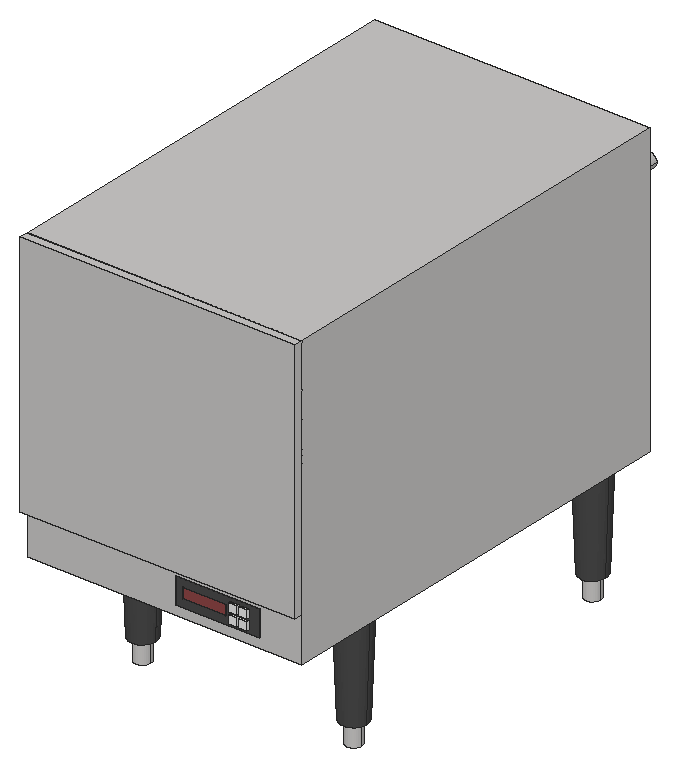
Revit family "QF_Hubbell_J6_1-18_cat", category Specialty Equipment, Revit 2012
Parameters (values of type "Requires Type Catalog QF_Hubbell_J6_1-18_cat.txt")
  Width = 1' - 1"
  Weight in Pounds = 95
  Watts = 1000 W
  Watermarked By = "http://revitwatermark.com"
  Volts = 120 V
  URL Cutsheet = ""
  URL = "www.hubbellheaters.com"
  Status [instance] = ""
  Specification by User [instance] = ""
  Specification by Manufacturer [instance] = ""
  Serial Number [instance] = ""
  Revision Code [instance] = ""
  Plumbing Remarks [instance] = ""
  Plumbing Connection Type [instance] = ""
  Phase = 0
  Number of Poles [instance] = 1
  NAFEM Spec ID Number [instance] = ""
  Model = "-"
  Min Ckt Ampacity = 10 A
  Masterspec [instance] = ""
  Manufacturer = "Hubbell"  # constant formula
  Leg Depth Seperation = 1' - 2 1/8"
  Item Number [instance] = "-"
  Installed By [instance] = ""
  Hot Water Temperature [instance] = 140 °F
  Hot Water Size = 3/4"
  Hot Water RI Height [instance] = 0' - 0"
  Hot Water Minimum Pressure = 20.00 psi
  Hot Water Maximum Pressure = 75.00 psi
  Hot Water Flow = 0.00 GPM
  Hot Water Consumption = 0.00 GPM
  Hot Water Connection Height = 0' - 9 5/16"
  Height = 1' - 7 3/4"
  Furnished By [instance] = ""
  Foodservice Equipment Identifier = yes
  FL Amps = 10 A
  Electrical Remarks [instance] = ""
  Electric Connection Type [instance] = ""
  Elec Conn RI Height [instance] = 0' - 0"
  Elec Conn Connection Height = 0' - 7 5/16"
  Description = "Electric Booster Heater"
  Overall Depth = 2' - 1"
  Cycle = 60 Hz
  Conn Conduit = yes
  CSI MasterFormat = "11 40 00"
  Box Depth = 1' - 9"
  Assembly Code = "E1090320"
  Apparent Power = if(Phase = 3, Volts * FL Amps * 1.73, Volts * FL Amps)  # 1200 VA
Reference planes (in)
  plane 1 "BACK": y = 0
  plane 2: z = 0
  plane 3 "LEFT": x = -19.72626
  plane 4 "RIGHT": x = -6.72626
  plane 5 "FRONT": y = -25
  plane 6 "Bottom": z = 6
  plane 7 "TOP": z = 19.75
  plane 8 "Back of Box": y = -4
  plane 9: z = 8.125
  plane 10 "Rear Legs": y = -5.5
  plane 11 "Front Legs": y = -19.625
  plane 12 "Right Legs": x = -8.22626
  plane 13 "Left Legs": x = -18.22626
  plane 14 "Front of Box": y = -24.5625
  plane 15 "Relief Valve Elev": z = 15.5
  plane 16 "HW Out Elev": z = 17.5
  plane 17 "HW In Elev": z = 9.625
  plane 18 "HW": x = -13.22626
  plane 19 "Relief Valve": x = -9.97626
Forms (in)
  Extrusion 1, solid, material "QF_Finishes_Stainless Steel"
    sketch origin (0, 0, 6) x (0, 1, 0) y (-1, 0, 0)
      loop
        line (-4, 19.72626) -> (-24.5625, 19.72626) -> (-24.5625, 6.72626) -> (-4, 6.72626) -> (-4, 19.72626)
    from 0 to 13.75
  Extrusion 2, solid, material "QF_Finishes_Stainless Steel"
    sketch origin (0, -24.5625, 0) x (1, 0, 0) y (0, 0, 1)
      loop
        line (-19.72626, 19.75) -> (-19.72626, 8.125) -> (-6.72626, 8.125) -> (-6.72626, 19.75) -> (-19.72626, 19.75)
    from 0 to 0.4375
  Extrusion 3, void
    sketch origin (0, -24.5625, 0) x (1, 0, 0) y (0, 0, 1)
      loop
        line (-12.72626, 6.4375) -> (-8.72626, 6.4375) -> (-8.72626, 7.6875) -> (-12.72626, 7.6875) -> (-12.72626, 6.4375)
    from 0 to -0.125
  Extrusion 4, solid, material "QF_Finishes_Black"
    sketch origin (0, -24.5625, 0) x (1, 0, 0) y (0, 0, 1)
      loop
        line (-8.72626, 7.6875) -> (-12.72626, 7.6875) -> (-12.72626, 6.4375) -> (-8.72626, 6.4375) -> (-8.72626, 7.6875)
      loop
        line (-9.22626, 7.125) -> (-9.22626, 7.5) -> (-9.60126, 7.5) -> (-9.60126, 7.125) -> (-9.22626, 7.125)
      loop
        line (-9.22626, 6.625) -> (-9.22626, 7) -> (-9.60126, 7) -> (-9.60126, 6.625) -> (-9.22626, 6.625)
      loop
        line (-9.72626, 7.125) -> (-9.72626, 7.5) -> (-10.10126, 7.5) -> (-10.10126, 7.125) -> (-9.72626, 7.125)
      loop
        line (-9.72626, 6.625) -> (-9.72626, 7) -> (-10.10126, 7) -> (-10.10126, 6.625) -> (-9.72626, 6.625)
      loop
        line (-10.35126, 7.3125) -> (-12.35126, 7.3125) -> (-12.35126, 6.8125) -> (-10.35126, 6.8125) -> (-10.35126, 7.3125)
    from 0 to -0.125
  Extrusion 5, solid, material "QF_Finishes_LED - Red Off"
    sketch origin (0, -24.5625, 0) x (1, 0, 0) y (0, 0, 1)
      loop
        line (-12.35126, 7.3125) -> (-12.35126, 6.8125) -> (-10.35126, 6.8125) -> (-10.35126, 7.3125) -> (-12.35126, 7.3125)
    from 0 to -0.125
  Extrusion 6, solid, material "QF_Finishes_White"
    sketch origin (0, -24.5625, 0) x (1, 0, 0) y (0, 0, 1)
      loop
        line (-10.10126, 7.5) -> (-10.10126, 7.125) -> (-9.72626, 7.125) -> (-9.72626, 7.5) -> (-10.10126, 7.5)
      loop
        line (-9.60126, 7.125) -> (-9.22626, 7.125) -> (-9.22626, 7.5) -> (-9.60126, 7.5) -> (-9.60126, 7.125)
      loop
        line (-10.10126, 7) -> (-10.10126, 6.625) -> (-9.72626, 6.625) -> (-9.72626, 7) -> (-10.10126, 7)
      loop
        line (-9.60126, 7) -> (-9.60126, 6.625) -> (-9.22626, 6.625) -> (-9.22626, 7) -> (-9.60126, 7)
    from -0.125 to 0.125
  Extrusion 7, solid, material "QF_Finishes_Stainless Steel"
    sketch origin (0, 0, 0) x (1, 0, 0) y (0, 1, 0)
      loop
        circle (-18.22626, -5.5) r 0.375
      loop
        circle (-8.22626, -5.5) r 0.375
      loop
        circle (-18.22626, -19.625) r 0.375
      loop
        circle (-8.22626, -19.625) r 0.375
    from 0 to 1
  Blend 8, solid, material "QF_Finishes_Black"
    base sketch origin (0, 0, 0) x (1, 0, 0) y (0, 1, 0)
      loop
        circle (-18.22626, -5.5) r 0.625
    top sketch origin (0, 0, 0) x (1, 0, 0) y (0, 1, 0)
      loop
        circle (-18.22626, -5.5) r 0.8125
    from 1 to 6
  Blend 9, solid, material "QF_Finishes_Black"
    base sketch origin (10, 0, 0) x (1, 0, 0) y (0, 1, 0)
      loop
        circle (-18.22626, -5.5) r 0.625
    top sketch origin (10, 0, 0) x (1, 0, 0) y (0, 1, 0)
      loop
        circle (-18.22626, -5.5) r 0.8125
    from 1 to 6
  Blend 10, solid, material "QF_Finishes_Black"
    base sketch origin (10, -14.125, 0) x (1, 0, 0) y (0, 1, 0)
      loop
        circle (-18.22626, -5.5) r 0.625
    top sketch origin (10, -14.125, 0) x (1, 0, 0) y (0, 1, 0)
      loop
        circle (-18.22626, -5.5) r 0.8125
    from 1 to 6
  Blend 11, solid, material "QF_Finishes_Black"
    base sketch origin (0, -14.125, 0) x (1, 0, 0) y (0, 1, 0)
      loop
        circle (-18.22626, -5.5) r 0.625
    top sketch origin (0, -14.125, 0) x (1, 0, 0) y (0, 1, 0)
      loop
        circle (-18.22626, -5.5) r 0.8125
    from 1 to 6
  Extrusion 12, solid, material "QF_Finishes_Stainless Steel"
    sketch origin (0, -4, 0) x (1, 0, 0) y (0, 0, 1)
      loop
        circle (-13.22626, 9.625) r 0.375
      loop
        circle (-13.22626, 9.625) r 0.5
    from 0 to -1
  Extrusion 13, solid, material "QF_Finishes_Stainless Steel"
    sketch origin (0, -4, 0) x (1, 0, 0) y (0, 0, 1)
      loop
        circle (-13.22626, 17.5) r 0.375
      loop
        circle (-13.22626, 17.5) r 0.5
    from 0 to -1
  Extrusion 14, solid, material "QF_Finishes_Stainless Steel"
    sketch origin (0, -4, 0) x (1, 0, 0) y (0, 0, 1)
      loop
        circle (-9.97626, 15.5) r 0.625
    from 0 to -0.5625
  Extrusion 15, solid, material "QF_Finishes_Stainless Steel"
    sketch origin (0, -4, 0) x (1, 0, 0) y (0, 0, 1)
      loop
        circle (-9.97626, 15.5) r 0.375
    from -0.5625 to -4
  Extrusion 16, solid, material "QF_Finishes_Stainless Steel"
    sketch origin (0, 0, 15.5) x (0, 1, 0) y (-1, 0, 0)
      loop
        circle (-1.3125, 9.97626) r 0.375
      loop
        circle (-1.3125, 9.97626) r 0.25
    from 0 to -1.0625
  Extrusion 17, void
    sketch origin (-19.72626, 0, 0) x (0, 1, 0) y (0, 0, 1)
      loop
        circle (-22.5, 7.0625) r 0.25
    from 0 to 0.125
Cuts and joins
  Extrusion 3, Extrusion 17 cuts Extrusion 1
Lines and regions (in)
  symbolic lines, style "SpecialityEquipmentHiddenLines"
    curve 1: line (-19.72626, -4, 15.5) -> (-6.72626, -4, 15.5)
    curve 2: line (-19.72626, -25, 15.5) -> (-19.72626, -4, 15.5)
    curve 3: line (-6.72626, -25, 15.5) -> (-19.72626, -25, 15.5)
    curve 4: line (-6.72626, -4, 15.5) -> (-6.72626, -25, 15.5)
Dimensions and locks (in)
  "Width": plane 4 "RIGHT" to plane 3 "LEFT"
  "Overall Depth": plane 5 "FRONT" to plane 1 "BACK"
  "Box Depth": plane 5 "FRONT" to plane 8 "Back of Box"
  locked: plane 9 to plane 6 "Bottom" at 2.125
  locked: plane 6 "Bottom" to level at 6
  "Height": plane 7 "TOP" to level
  locked: plane 3 "LEFT" to plane 13 "Left Legs" at 1.5
  locked: plane 12 "Right Legs" to plane 4 "RIGHT" at 1.5
  locked: plane 10 "Rear Legs" to plane 8 "Back of Box" at 1.5
  "Leg Depth Seperation": plane 10 "Rear Legs" to plane 11 "Front Legs"
  locked: plane 5 "FRONT" to plane 14 "Front of Box" at 0.4375
  locked: plane 4 "RIGHT" to Extrusion 3 sketch curve at 2
  locked: Extrusion 3 sketch curve to plane 6 "Bottom" at 0.4375
  locked: Extrusion 3 sketch curve to Extrusion 3 sketch curve at 1.25
  locked: Extrusion 3 sketch curve to Extrusion 3 sketch curve at 4
  plane 15 "Relief Valve Elev" to plane 6 "Bottom" = 0' - 9 1/2"
  locked: plane 16 "HW Out Elev" to plane 15 "Relief Valve Elev" at 2
  locked: plane 16 "HW Out Elev" to plane 17 "HW In Elev" at 7.875
  locked: plane 3 "LEFT" to plane 18 "HW" at 6.5
  locked: plane 18 "HW" to plane 19 "Relief Valve" at 3.25
  locked: Extrusion 16 sketch curve to plane 1 "BACK" at 1.3125  (x2)
  locked: Extrusion 17 sketch curve to plane 5 "FRONT" at 2.5
  locked: Extrusion 17 sketch curve to plane 6 "Bottom" at 1.0625
  aligned and locked: level to plane 2
  aligned and locked: plane 8 "Back of Box" to Extrusion 1 sketch curve
  aligned and locked: plane 3 "LEFT" to Extrusion 1 sketch curve
  aligned and locked: Extrusion 1 sketch curve to plane 14 "Front of Box"
  aligned and locked: Extrusion 1 sketch curve to plane 4 "RIGHT"
  aligned and locked: plane 7 "TOP" to Extrusion 1
  aligned and locked: plane 3 "LEFT" to Extrusion 2 sketch curve
  aligned and locked: Extrusion 2 sketch curve to plane 7 "TOP"
  aligned and locked: Extrusion 2 sketch curve to plane 4 "RIGHT"
  aligned and locked: plane 9 to Extrusion 2 sketch curve
  aligned and locked: plane 5 "FRONT" to Extrusion 2
  aligned and locked: plane 6 "Bottom" to Blend 8
  aligned and locked: curve 1 to cut or joined group of Extrusion 1, Extrusion 3, Extrusion 17
  aligned and locked: curve 2 to cut or joined group of Extrusion 1, Extrusion 3, Extrusion 17
  aligned and locked: curve 3 to Extrusion 2
  aligned and locked: curve 4 to Extrusion 2
Automatic sketch dimensions
  Extrusion 4 sketch curve to plane 9 = 0' - 0 7/16"
  Extrusion 4 sketch curve to plane 12 "Right Legs" = 0' - 4 1/2"
  Extrusion 4 sketch curve to Extrusion 4 sketch curve = 0' - 0 3/8"  (x4)
  plane 6 "Bottom" to Extrusion 4 sketch curve = 0' - 0 13/16"
  Extrusion 4 sketch curve to Extrusion 4 sketch curve = 0' - 2"
  Extrusion 4 sketch curve to Extrusion 4 sketch curve = 0' - 0 1/4"
  Extrusion 4 sketch curve to Extrusion 4 sketch curve = 0' - 0"  (x6)
  Extrusion 4 sketch curve to Extrusion 4 sketch curve = 0' - 0 1/8"  (x3)
  Extrusion 4 sketch curve to plane 12 "Right Legs" = 0' - 0 1/2"
  plane 6 "Bottom" to Extrusion 4 sketch curve = 0' - 0 5/8"
  plane 6 "Bottom" to Extrusion 4 sketch curve = 0' - 0 7/16"
  Extrusion 4 sketch curve to Extrusion 4 sketch curve = 0' - 0 3/16"  (x2)
  Extrusion 4 sketch curve to Extrusion 4 sketch curve = 0' - 0 1/2"
  plane 6 "Bottom" to Extrusion 5 sketch curve = 0' - 0 13/16"
  Extrusion 5 sketch curve to plane 12 "Right Legs" = 0' - 4 1/8"
  Extrusion 5 sketch curve to Extrusion 5 sketch curve = 0' - 2"
  Extrusion 5 sketch curve to Extrusion 5 sketch curve = 0' - 0 1/2"
  Extrusion 6 sketch curve to plane 9 = 0' - 0 5/8"
  Extrusion 6 sketch curve to plane 12 "Right Legs" = 0' - 1 7/8"
  Extrusion 6 sketch curve to Extrusion 6 sketch curve = 0' - 0"  (x6)
  Extrusion 6 sketch curve to Extrusion 6 sketch curve = 0' - 0 3/8"  (x5)
  Extrusion 6 sketch curve to Extrusion 6 sketch curve = 0' - 0 1/8"  (x3)
  Extrusion 7 sketch curve to plane 11 "Front Legs" = 0' - 0"  (x2)
  Extrusion 7 sketch curve to plane 13 "Left Legs" = 0' - 0"  (x2)
  Extrusion 7 sketch curve to plane 10 "Rear Legs" = 0' - 0"  (x2)
  Extrusion 7 sketch curve to plane 12 "Right Legs" = 0' - 0"  (x2)
  Blend 8 sketch curve to plane 10 "Rear Legs" = 0' - 0"  (x2)
  Blend 8 sketch curve to plane 13 "Left Legs" = 0' - 0"  (x2)
  Blend 9 sketch curve to plane 10 "Rear Legs" = 0' - 0"  (x2)
  Blend 9 sketch curve to plane 12 "Right Legs" = 0' - 0"  (x2)
  Blend 10 sketch curve to plane 11 "Front Legs" = 0' - 0"  (x2)
  Blend 10 sketch curve to plane 12 "Right Legs" = 0' - 0"  (x2)
  Blend 11 sketch curve to plane 11 "Front Legs" = 0' - 0"  (x2)
  Blend 11 sketch curve to plane 13 "Left Legs" = 0' - 0"  (x2)
  Extrusion 12 sketch curve to Extrusion 12 sketch curve = 0' - 0"  (x2)
  Extrusion 12 sketch curve to plane 17 "HW In Elev" = 0' - 0"
  Extrusion 12 sketch curve to plane 18 "HW" = 0' - 0"
  Extrusion 13 sketch curve to Extrusion 13 sketch curve = 0' - 0"  (x2)
  Extrusion 13 sketch curve to plane 16 "HW Out Elev" = 0' - 0"
  Extrusion 13 sketch curve to plane 18 "HW" = 0' - 0"
  Extrusion 14 sketch curve to plane 15 "Relief Valve Elev" = 0' - 0"
  Extrusion 14 sketch curve to plane 19 "Relief Valve" = 0' - 0"
  Extrusion 15 sketch curve to plane 15 "Relief Valve Elev" = 0' - 0"
  Extrusion 15 sketch curve to plane 19 "Relief Valve" = 0' - 0"
  Extrusion 16 sketch curve to plane 19 "Relief Valve" = 0' - 0"
  Extrusion 16 sketch curve to Extrusion 16 sketch curve = 0' - 0"
  radius of Extrusion 7 sketch curve = 0' - 0 3/8"  (x4)
  radius of Blend 8 sketch curve = 0' - 0 5/8"
  radius of Blend 8 sketch curve = 0' - 0 13/16"
  radius of Blend 9 sketch curve = 0' - 0 5/8"
  radius of Blend 9 sketch curve = 0' - 0 13/16"
  radius of Blend 10 sketch curve = 0' - 0 5/8"
  radius of Blend 10 sketch curve = 0' - 0 13/16"
  radius of Blend 11 sketch curve = 0' - 0 5/8"
  radius of Blend 11 sketch curve = 0' - 0 13/16"
  radius of Extrusion 12 sketch curve = 0' - 0 3/8"
  radius of Extrusion 12 sketch curve = 0' - 0 1/2"
  radius of Extrusion 13 sketch curve = 0' - 0 3/8"
  radius of Extrusion 13 sketch curve = 0' - 0 1/2"
  radius of Extrusion 14 sketch curve = 0' - 0 5/8"
  radius of Extrusion 15 sketch curve = 0' - 0 3/8"
  radius of Extrusion 16 sketch curve = 0' - 0 3/8"
  radius of Extrusion 16 sketch curve = 0' - 0 1/4"
  radius of Extrusion 17 sketch curve = 0' - 0 1/4"
Connectors (in)
  piping at (-13.22626, -3, 9.625), driven by "Hot Water Flow"
    settings: on Extrusion 12, index 1, connector radius 3/8", flow factor 0, pipe flow 0.00 GPM, pressure drop 0.00 psi, fitting loss kfactor 0, connector angle 0.00°, fixture units 0, engagement length 0' - 0", flow configuration 1, flow direction 1, fitting loss method 0, system type 19, joint type 0, gender type 0, connector reference index -1, connector utility 0, adjustable connector no, is connector primary yes, fitting loss table "", connector description "Hot Water In"
  piping at (-13.22626, -3, 17.5), driven by "Hot Water Flow"
    settings: on Extrusion 13, index 2, connector radius 3/8", flow factor 0, pipe flow 0.00 GPM, pressure drop 0.00 psi, fitting loss kfactor 0, connector angle 0.00°, fixture units 0, engagement length 0' - 0", flow configuration 1, flow direction 2, fitting loss method 0, system type 19, joint type 0, gender type 0, connector reference index -1, connector utility 0, adjustable connector no, is connector primary no, fitting loss table "", connector description "Hot Water Out"
  electrical at (-19.72626, -22.5, 7.0625), driven by "Number of Poles", driven by "Volts", driven by "Apparent Power"
    settings: on cut or joined group of Extrusion 1, Extrusion 3, Extrusion 17, index 3, voltage 120 V, apparent load 1200 VA, apparent load phase1 0 VA, apparent load phase2 0 VA, apparent load phase3 0 VA, power factor 1, load classification "Other", number of poles 1, system type 30, power factor state 1, is connector primary yes, connector utility no, sub classification motor no, connector description "Electric Connection"
